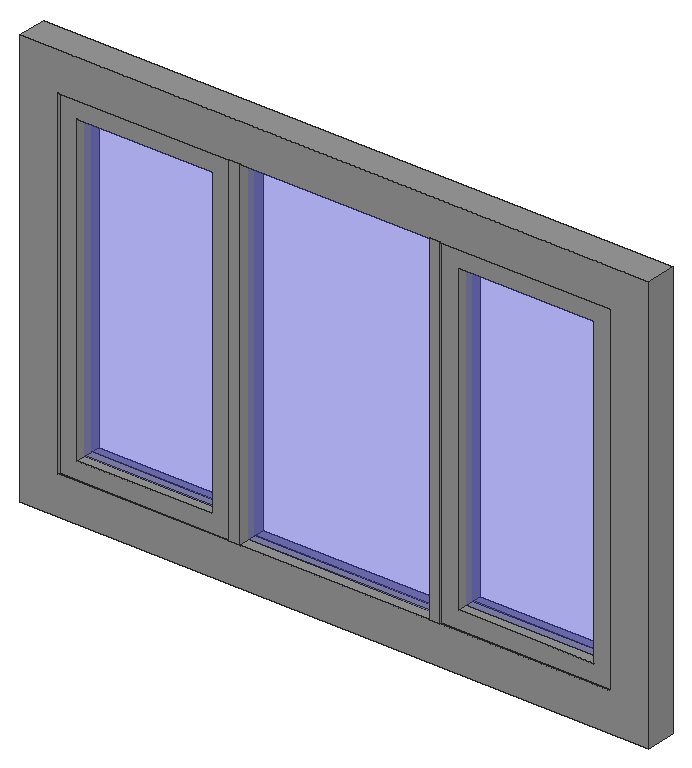
Revit family "Family52", category Windows, host Wall, Revit 2018
Family settings
  Host = Wall
  OmniClass Number = 23.30.20.00
  OmniClass Title = Windows
  Always vertical = Yes
  Cut with Voids When Loaded = No
  Shared = No
  Room Calculation Point = No
Parameters
  Window Thickness = 84 mm
  Window Frame = White
  Visual Light Transmittance = 0.81
  URL = "www.skywardwindows.co.za"
  Thermal Resistance (R) = 0.3196 (m²·K)/W
  Telephone = "021 276 1800"
  Solar Heat Gain Coefficient = 0.76
  Manufacturer = "Skyward Windows"
  Height = 1190 mm
  Heat Transfer Coefficient (U) = 3.1292 W/(m²·K)
  Glass Thickness = 4 mm
  Glass = Glass
  Email Address = "info@skywardwindows.co.za"
  Default Sill Height = 800 mm
  Wall Closure = By host
  Width = 1790 mm
  Company Address = "Charles Matthews Street Atlantis 7349"
  Analytic Construction = "Double glazing - domestic"
Reference planes
  plane 1 "Center (Front/Back)": y = 0
  plane 2 "Center (Left/Right)": x = 0
  plane 3 "Left": x = -895
  plane 4 "Right": x = 895
  plane 5 "Sill": z = 800
  plane 6 "Head": z = 1990
  plane 7 "Exterior": y = 100
  plane 8 "Interior": y = -100
Forms (mm)
  Extrusion 1, solid, material "White" <- "Window Frame"
    sketch origin (0, -100, 0) x (1, 0, 0) y (0, 0, 1)
      loop
        line (-895, 1990) -> (-895, 800) -> (895, 800) -> (895, 1990) -> (-895, 1990)
      loop
        line (-786, 909) -> (786, 909) -> (786, 1881) -> (-786, 1881) -> (-786, 909)
    from -142 to -58
  Extrusion 2, solid, material "White" <- "Window Frame"
    sketch origin (0, -100, 0) x (1, 0, 0) y (0, 0, 1)
      loop
        line (-786, 1881) -> (-786, 909) -> (-302.727, 909) -> (-302.727, 1881) -> (-786, 1881)
      loop
        line (786, 1881) -> (302.175, 1881) -> (302.175, 909) -> (786, 909) -> (786, 1881)
      loop
        line (-736, 959) -> (-350, 959) -> (-350, 1831) -> (-736, 1831) -> (-736, 959)
      loop
        line (350, 1831) -> (350, 959) -> (736, 959) -> (736, 1831) -> (350, 1831)
    from -138 to -62
  Extrusion 3, solid, material "White" <- "Window Frame"
    sketch origin (0, -100, 0) x (1, 0, 0) y (0, 0, 1)
      loop
        line (-300, 1881) -> (-300, 909) -> (-270, 909) -> (-270, 1881) -> (-300, 1881)
      loop
        line (300, 1881) -> (270, 1881) -> (270, 909) -> (300, 909) -> (300, 1881)
    from -142 to -58
  Extrusion 4, solid, material "Glass" <- "Glass"
    sketch origin (0, 0, 0) x (1, 0, 0) y (0, 1, 0)
      loop
        line (-736, 14) -> (-736, 10) -> (-350, 10) -> (-350, 14) -> (-736, 14)
      loop
        line (-736, -10) -> (-736, -14) -> (-350, -14) -> (-350, -10) -> (-736, -10)
      loop
        line (350, 14) -> (350, 10) -> (736, 10) -> (736, 14) -> (350, 14)
      loop
        line (736, -10) -> (350, -10) -> (350, -14) -> (736, -14) -> (736, -10)
    from 959 to 1831
  Extrusion 5, solid, material "Glass" <- "Glass"
    sketch origin (0, 0, 0) x (1, 0, 0) y (0, 1, 0)
      loop
        line (-270, 14) -> (-270, 10) -> (270, 10) -> (270, 14) -> (-270, 14)
      loop
        line (270, -10) -> (-270, -10) -> (-270, -14) -> (270, -14) -> (270, -10)
    from 909 to 1881
Lines and regions (mm)
  Opening 1
    outline origin (3500, -100, 0) x (1, 0, 0) y (0, 0, 1)
      loop
        line (-2605, 800) -> (-2605, 1990) -> (-4395, 1990) -> (-4395, 800) -> (-2605, 800)
Text (mm)
  text "EXTERIOR" at (-1963.203, 1332.353, 0), in view "Ref. Level"
  text "INTERIOR" at (-1981.466, -818.386, 0), in view "Ref. Level"
  text "Exterior" at (0, 923.751, 2943.296), in view "Right"
  text "Exterior" at (0, 1040.484, 2685.409), in view "Left"
Dimensions and locks
  equal spacing: plane 3 "Left", plane 2 "Center (Left/Right)", plane 4 "Right"
  "Width": plane 3 "Left" to plane 4 "Right"
  "Height": plane 5 "Sill" to plane 6 "Head"
  "Default Sill Height": plane 5 "Sill" to level
  locked: plane 7 "Exterior" to host wall at 0
  locked: plane 8 "Interior" to host wall
  "Window Thickness": Extrusion 1 to Extrusion 1
  "Glass Thickness": Extrusion 5 to Extrusion 5
  "Glass Thickness": Extrusion 4 to Extrusion 4
  aligned and locked: Extrusion 1 sketch curve to host wall  (x4)
  aligned and locked: Extrusion 5 to Extrusion 1
Automatic sketch dimensions
  Opening 1 sketch curve to plane 3 "Left" = 0 mm
  Opening 1 sketch curve to plane 4 "Right" = 0 mm
  Opening 1 sketch curve to plane 5 "Sill" = 0 mm
  Opening 1 sketch curve to plane 6 "Head" = 0 mm
  Extrusion 1 sketch curve to plane 3 "Left" = 109 mm
  plane 4 "Right" to Extrusion 1 sketch curve = 109 mm
  Extrusion 1 sketch curve to plane 5 "Sill" = 109 mm
  plane 6 "Head" to Extrusion 1 sketch curve = 109 mm
  Extrusion 2 sketch curve to plane 3 "Left" = 109 mm
  Extrusion 2 sketch curve to Extrusion 2 sketch curve = 50 mm  (x6)
  plane 6 "Head" to Extrusion 2 sketch curve = 159 mm
  plane 2 "Center (Left/Right)" to Extrusion 2 sketch curve = 350 mm
  Extrusion 2 sketch curve to Extrusion 2 sketch curve = 47.273 mm
  plane 6 "Head" to Extrusion 2 sketch curve = 109 mm
  Extrusion 2 sketch curve to plane 2 "Center (Left/Right)" = 302.175 mm
  Extrusion 2 sketch curve to Extrusion 2 sketch curve = 47.825 mm
  plane 4 "Right" to Extrusion 2 sketch curve = 159 mm
  Extrusion 2 sketch curve to plane 5 "Sill" = 159 mm  (x2)
  Extrusion 3 sketch curve to plane 5 "Sill" = 109 mm  (x2)
  plane 2 "Center (Left/Right)" to Extrusion 3 sketch curve = 300 mm
  Extrusion 3 sketch curve to Extrusion 3 sketch curve = 30 mm  (x2)
  Extrusion 3 sketch curve to plane 2 "Center (Left/Right)" = 270 mm
  plane 6 "Head" to Extrusion 3 sketch curve = 109 mm  (x2)
  Extrusion 4 sketch curve to host wall = 14 mm  (x2)
  Extrusion 4 sketch curve to plane 3 "Left" = 159 mm
  Extrusion 4 sketch curve to Extrusion 4 sketch curve = 0 mm  (x4)
  host wall to Extrusion 4 sketch curve = 10 mm  (x2)
  plane 2 "Center (Left/Right)" to Extrusion 4 sketch curve = 350 mm
  Extrusion 4 sketch curve to plane 2 "Center (Left/Right)" = 350 mm
  plane 4 "Right" to Extrusion 4 sketch curve = 159 mm
  Extrusion 4 sketch curve to Extrusion 4 sketch curve = 4 mm  (x4)
  Extrusion 5 sketch curve to host wall = 14 mm
  plane 2 "Center (Left/Right)" to Extrusion 5 sketch curve = 270 mm
  host wall to Extrusion 5 sketch curve = 10 mm
  Extrusion 5 sketch curve to Extrusion 5 sketch curve = 0 mm  (x2)
  Extrusion 5 sketch curve to plane 2 "Center (Left/Right)" = 270 mm
  Extrusion 5 sketch curve to Extrusion 5 sketch curve = 4 mm  (x2)
